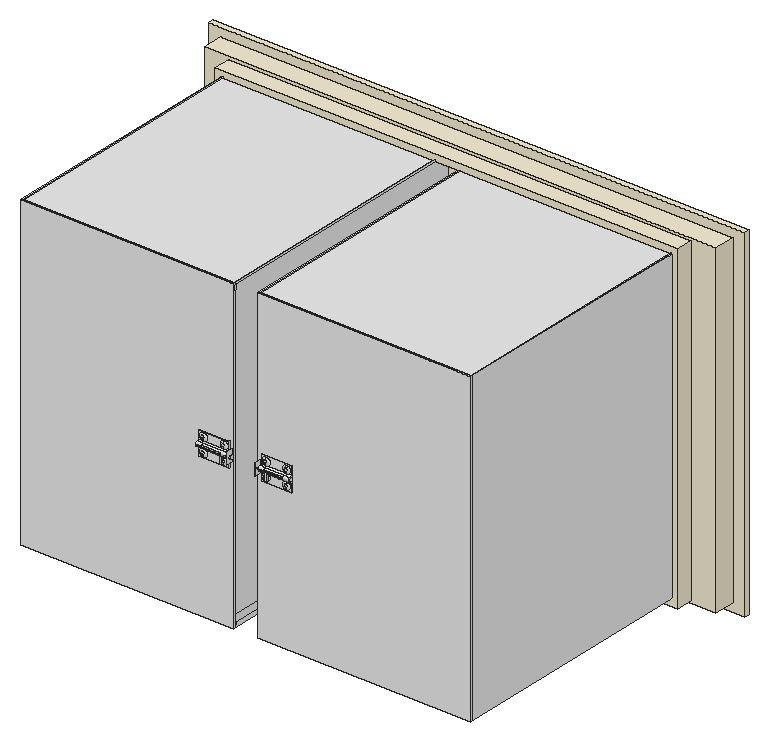
Revit family "Mailboxes_4C-Salsbury_Industries-Rear_Load-5_Door_High_Units", category Specialty Equipment, host Wall, Revit 2016 (continued)
Definition of nested family "3700 Series 4C OM2 Configuration"
  Forms (in)
    Extrusion 1, solid, material <- "Front Panel Material"
      sketch origin (0, 0, 0) x (1, 0, 0) y (0, 1, 0)
        loop
          arc (6.4925, -0.46664) -> (6.63039, -0.40952) -> (6.6875, -0.27164) r 0.195
          line (6.6875, -0.27164) -> (6.6875, 0.12695) -> (-6.4355, 0.12695)
      from 0 to 3.23047
    Extrusion 2, solid, material <- "Front Panel Material"
      sketch origin (0, 0, 3.50047) x (-1, 0, 0) y (0, -1, 0)
        loop
          line (6.6875, -0.12695) -> (6.6875, 0.46995) -> (-6.6875, 0.46995) -> (-6.6875, -0.12695) -> (6.6875, -0.12695)
      from -0.27 to 0
    Extrusion 3, void
      sketch origin (0, 0.43945, 0) x (0, 0, -1) y (-1, 0, 0)
        loop
          circle (-1.61523, 4.3275) r 0.4375
      from 0 to -0.25391
    Extrusion 4, solid, material <- "Lock Material", visible <- "Access Lock"
      sketch origin (0, 0.43945, 0) x (0, 0, -1) y (-1, 0, 0)
        loop
          circle (-1.61523, 4.3275) r 0.42913
      from 0 to -0.25391
    Extrusion 5, void, detail levels fine
      sketch origin (0, 0.12695, 3.4) x (-1, 0, 0) y (0, 0, 1)
        loop
          line (4.3568, -1.47517) -> (4.2982, -1.47517) -> (4.2982, -2.09436) -> (4.3568, -2.09436) -> (4.3568, -1.47517)
      from -0.12695 to -0.25391
    Blend 6, solid, material <- "Front Panel Material", detail levels medium+fine
      base sketch origin (0, -0.12695, 2.68123) x (-1, 0, 0) y (0, 0, 1)
        loop
          circle (5.7025, -0.40977) r 0.15665
      top sketch origin (0, -0.12695, 2.68123) x (-1, 0, 0) y (0, 0, 1)
        loop
          circle (5.7025, -0.40977) r 0.3125
      from -0.11328 to 0
    Blend 7, solid, material <- "Front Panel Material", detail levels medium+fine
      base sketch origin (1.3125, -0.12695, 2.68123) x (-1, 0, 0) y (0, 0, 1)
        loop
          circle (4.202, -0.40977) r 0.15665
      top sketch origin (1.3125, -0.12695, 2.68123) x (-1, 0, 0) y (0, 0, 1)
        loop
          circle (4.202, -0.40977) r 0.3125
      from -0.11328 to 0
    Blend 8, solid, material <- "Front Panel Material", detail levels medium+fine
      base sketch origin (0, -0.12695, 1.36923) x (-1, 0, 0) y (0, 0, 1)
        loop
          circle (5.7025, -0.40977) r 0.15665
      top sketch origin (0, -0.12695, 1.36923) x (-1, 0, 0) y (0, 0, 1)
        loop
          circle (5.7025, -0.40977) r 0.3125
      from -0.11328 to 0
    Blend 9, solid, material <- "Front Panel Material", detail levels medium+fine
      base sketch origin (1.3125, -0.12695, 1.36923) x (-1, 0, 0) y (0, 0, 1)
        loop
          circle (4.202, -0.40977) r 0.15665
      top sketch origin (1.3125, -0.12695, 1.36923) x (-1, 0, 0) y (0, 0, 1)
        loop
          circle (4.202, -0.40977) r 0.3125
      from -0.11328 to 0
    Blend 10, solid, material <- "Front Panel Material", detail levels medium+fine
      base sketch origin (9.8895, -0.12695, 2.68123) x (-1, 0, 0) y (0, 0, 1)
        loop
          circle (4.202, -0.40977) r 0.15665
      top sketch origin (9.8895, -0.12695, 2.68123) x (-1, 0, 0) y (0, 0, 1)
        loop
          circle (4.202, -0.40977) r 0.3125
      from -0.11328 to 0
    Blend 11, solid, material <- "Front Panel Material", detail levels medium+fine
      base sketch origin (9.8895, -0.12695, 1.36923) x (-1, 0, 0) y (0, 0, 1)
        loop
          circle (4.202, -0.40977) r 0.15665
      top sketch origin (9.8895, -0.12695, 1.36923) x (-1, 0, 0) y (0, 0, 1)
        loop
          circle (4.202, -0.40977) r 0.3125
      from -0.11328 to 0
    Extrusion 12, solid, material <- "Lock Material"
      sketch origin (0, -0.12695, 0) x (-1, 0, 0) y (0, 0, 1)
        loop
          line (1.96028, 2.61547) -> (-1.64128, 2.61547)
          arc (-1.64128, 2.61547) -> (-1.78215, 2.55712) -> (-1.8405, 2.41625) r 0.19922
          line (-1.8405, 2.41625) -> (-1.8405, 0.81469)
          arc (-1.8405, 0.81469) -> (-1.78215, 0.67382) -> (-1.64128, 0.61547) r 0.19922
          line (-1.64128, 0.61547) -> (1.96028, 0.61547)
          arc (1.96028, 0.61547) -> (2.10115, 0.67382) -> (2.1595, 0.81469) r 0.19922
          line (2.1595, 0.81469) -> (2.1595, 2.41625)
          arc (2.1595, 2.41625) -> (2.10115, 2.55712) -> (1.96028, 2.61547) r 0.19922
      from 0 to -0.03906
    Extrusion 13, solid, material <- "Front Panel Material"
      sketch origin (-2.13946, 0, 3.50047) x (-1, 0, 0) y (0, -1, 0)
        loop
          line (4.54804, -0.12695) -> (4.54804, 0.31995) -> (-8.82696, 0.31995) -> (-8.82696, -0.12695) -> (4.54804, -0.12695)
      from 0 to 3.0094
    Extrusion 14, void
      sketch origin (0, -0.31995, 0) x (0, 0, -1) y (-1, 0, 0)
        loop
          arc (-5.67087, 5.0005) -> (-6.04587, 5.3755) -> (-6.42087, 5.0005) r 0.375
          line (-6.42087, 5.0005) -> (-6.42087, -5.0005)
          arc (-6.42087, -5.0005) -> (-6.04587, -5.3755) -> (-5.67087, -5.0005) r 0.375
          line (-5.67087, -5.0005) -> (-5.67087, 5.0005)
      from 0 to 0.44691
    Extrusion 15, solid, material <- "Front Panel Material"
      sketch origin (0, 0, 0) x (0, 1, 0) y (0, 0, 1)
        loop
          line (0.12695, 6.50987) -> (0.12695, 7.00047) -> (-0.46995, 7.00047) -> (-0.75605, 6.83078) -> (-0.73973, 6.80251) -> (-1.27431, 6.49388) -> (-1.29063, 6.52214) -> (-1.61027, 6.3376)
          arc (-1.61027, 6.3376) -> (-1.63087, 6.31111) -> (-1.62714, 6.27777) r 0.04454
          line (-1.62714, 6.27777) -> (-1.5282, 6.17883)
          arc (-1.5282, 6.17883) -> (-1.4937, 6.16211) -> (-1.4558, 6.15637) r 0.12791
          line (-1.4558, 6.15637) -> (-1.10623, 6.15637) -> (-0.49395, 6.50987) -> (0.12695, 6.50987)
      from -6.6875 to 6.6875
  Cuts and joins
    Extrusion 3 cuts Extrusion 1
    Extrusion 5 cuts Extrusion 4
    Extrusion 14 cuts Extrusion 13
  Lines and regions (in)
    symbolic lines
      curve 1: circle (-5.7025, -0.12695, 2.27147) r 0.3125 normal (0, 1, 0)
      curve 2: circle (-5.7025, -0.12695, 0.95947) r 0.3125 normal (0, 1, 0)
      curve 3: circle (-2.8895, -0.12695, 0.95947) r 0.3125 normal (0, 1, 0)
      curve 4: circle (-2.8895, -0.12695, 2.27147) r 0.3125 normal (0, 1, 0)
      curve 5: circle (-4.3275, -0.12695, 1.61523) r 0.42913 normal (0, 1, 0)
      curve 6: circle (5.6875, -0.12695, 0.95947) r 0.3125 normal (0, 1, 0)
      curve 7: circle (5.6875, -0.12695, 2.27147) r 0.3125 normal (0, 1, 0)
      curve 8: arc (-2.1595, -0.12695, 2.41625) -> (-2.10115, -0.12695, 2.55712) -> (-1.96028, -0.12695, 2.61547) r 0.19922
      curve 9: arc (1.8405, -0.12695, 2.41625) -> (1.78215, -0.12695, 2.55712) -> (1.64128, -0.12695, 2.61547) r 0.19922
      curve 10: arc (1.8405, -0.12695, 0.81469) -> (1.78215, -0.12695, 0.67382) -> (1.64128, -0.12695, 0.61547) r 0.19922
      curve 11: arc (-1.96028, -0.12695, 0.61547) -> (-2.10115, -0.12695, 0.67382) -> (-2.1595, -0.12695, 0.81469) r 0.19922
      curve 12: line (-2.1595, -0.12695, 0.81469) -> (-2.1595, -0.12695, 2.41625)
      curve 13: line (-1.96028, -0.12695, 2.61547) -> (1.64128, -0.12695, 2.61547)
      curve 14: line (1.8405, -0.12695, 2.41625) -> (1.8405, -0.12695, 0.81469)
      curve 15: line (1.64128, -0.12695, 0.61547) -> (-1.96028, -0.12695, 0.61547)
  Dimensions and locks (in)
    equal spacing: plane 6 "Back Face of Door", plane 1 "Center (Front/Back)", plane 7 "Front Face of Door"
    "Door Depth": plane 6 "Back Face of Door" to plane 7 "Front Face of Door"
    equal spacing: plane 4 "Left Side Face of Door", plane 3 "Center (Left/Right)", plane 5 "Right Side Face of Door"
    "Door Width": plane 4 "Left Side Face of Door" to plane 5 "Right Side Face of Door"
    plane 8 to level = 3.23047"
    equal spacing: plane 8, plane 9, level
    locked: plane 7 "Front Face of Door" to plane 10 at 0.343
    "Center Lock-Vertical": plane 4 "Left Side Face of Door" to plane 11 "Center Lock Vertical"
    "Center Lock-Horizontal": plane 8 to plane 12 "Center Lock Horizontal"
    locked: plane 14 "Divider Height Align" to plane 8 at 0.27
    plane 4 "Left Side Face of Door" to plane 16 "Left Stud Align" to plane 17 "Right Stud Align" = 0.985", 2.813"
    plane 8 to plane 18 "Top Stud Align" to plane 19 "Bottom Stud Align" = 0.959", 1.312"
    plane 20 "Hinge Stud Align" to plane 5 "Right Side Face of Door" = 1.000"
    plane 8 to plane 21 "Mail Plate Top" to plane 22 "Mail Plate Bottom" = 0.615", 2.000"
    plane 4 "Left Side Face of Door" to plane 23 to plane 24 = 4.528", 4.000"
    plane 27 "Top of Mail Drop Divider" to plane 26 "Top of Mail Drop Door" to plane 14 "Divider Height Align" = 0.26953" locked, 3.23047"
    "Door Height": plane 27 "Top of Mail Drop Divider" to level
    plane 28 "Face of Mail Drop" to plane 10 = 0.150"
    locked: plane 27 "Top of Mail Drop Divider" to plane 29 "Top of Mail Slot" at 0.5796
    locked: plane 29 "Top of Mail Slot" to plane 30 "Bottom of Mail Slot" at 0.75
    locked: plane 4 "Left Side Face of Door" to plane 31 "Left Edge of Mail Slot" at 1.312
    locked: plane 32 "Right Edge of Mail Slot" to plane 5 "Right Side Face of Door" at 1.312
    locked: plane 33 "Mail Slot Bottom Protusion" to plane 29 "Top of Mail Slot" at 0.089
    plane 28 "Face of Mail Drop" to plane 34 = 0.174"
    plane 33 "Mail Slot Bottom Protusion" to plane 35 = 0.3535"
    plane 28 "Face of Mail Drop" to plane 36 "Front of Awning" = 1.315"
    plane 4 "Left Side Face of Door" to plane 5 "Right Side Face of Door" = 13.375"
    plane 6 "Back Face of Door" to plane 36 "Front of Awning" = 1.76191"
    "Access Lock Offset": plane 39 "Access Lock Offset" to plane 6 "Back Face of Door"
    aligned and locked: level to plane 2 "Bottom of Door"
    aligned and locked: plane 4 "Left Side Face of Door" to Extrusion 1
    aligned and locked: plane 6 "Back Face of Door" to Extrusion 1
    aligned and locked: plane 7 "Front Face of Door" to Extrusion 1
    aligned and locked: Extrusion 1 to level
    aligned and locked: plane 8 to Extrusion 1
    aligned and locked: Extrusion 2 sketch curve to plane 4 "Left Side Face of Door"
    aligned and locked: Extrusion 2 sketch curve to plane 6 "Back Face of Door"
    aligned and locked: plane 5 "Right Side Face of Door" to Extrusion 2 sketch curve
    aligned and locked: Extrusion 2 to plane 8
    aligned and locked: plane 10 to Extrusion 2 sketch curve
    aligned and locked: plane 14 "Divider Height Align" to Extrusion 2
    aligned and locked: plane 4 "Left Side Face of Door" to Extrusion 2
    aligned and locked: Extrusion 2 to plane 5 "Right Side Face of Door"
    aligned and locked: Extrusion 13 to plane 28 "Face of Mail Drop"
    aligned and locked: plane 29 "Top of Mail Slot" to Extrusion 14 sketch curve
    aligned and locked: cut or joined group of Extrusion 13, Extrusion 14 to cut or joined group of Extrusion 13, Extrusion 14
    aligned and locked: cut or joined group of Extrusion 1, Extrusion 3 to plane 2 "Bottom of Door"
  Automatic sketch dimensions
    Extrusion 1 sketch curve to plane 4 "Left Side Face of Door" = 0.000"
    Extrusion 1 sketch curve to plane 6 "Back Face of Door" = 0.000"
    Extrusion 1 sketch curve to plane 7 "Front Face of Door" = 0.000"
    Extrusion 1 sketch curve to plane 5 "Right Side Face of Door" = 0.000"
    Extrusion 1 sketch curve to plane 4 "Left Side Face of Door" = 0.252"
    Extrusion 1 sketch curve to plane 20 "Hinge Stud Align" = 0.36875"
    Extrusion 1 sketch curve to plane 25 "Face of Mail Plate" = 0.07029"
    plane 5 "Right Side Face of Door" to Extrusion 1 sketch curve = 0.195"
    Extrusion 1 sketch curve to plane 25 "Face of Mail Plate" = 0.10562"
    Extrusion 1 sketch curve to plane 13 "Face of Lock" = 0.07658"
    plane 1 "Center (Front/Back)" to Extrusion 1 sketch curve = 0.05445"
    Extrusion 1 sketch curve to plane 13 "Face of Lock" = 0.12063"
    Extrusion 5 sketch curve to plane 11 "Center Lock Vertical" = 0.0293"
    plane 11 "Center Lock Vertical" to Extrusion 5 sketch curve = 0.0293"
    Extrusion 5 sketch curve to plane 9 = 0.30959"
    plane 9 to Extrusion 5 sketch curve = 0.30959"
    plane 16 "Left Stud Align" to Blend 6 sketch curve = 0.000"  (x2)
    Blend 6 sketch curve to plane 18 "Top Stud Align" = 0.000"  (x2)
    plane 17 "Right Stud Align" to Blend 7 sketch curve = 0.000"  (x2)
    Blend 7 sketch curve to plane 18 "Top Stud Align" = 0.000"  (x2)
    plane 16 "Left Stud Align" to Blend 8 sketch curve = 0.000"  (x2)
    Blend 8 sketch curve to plane 19 "Bottom Stud Align" = 0.000"  (x2)
    plane 17 "Right Stud Align" to Blend 9 sketch curve = 0.000"  (x2)
    Blend 9 sketch curve to plane 19 "Bottom Stud Align" = 0.000"  (x2)
    Blend 10 sketch curve to plane 18 "Top Stud Align" = 0.000"  (x2)
    plane 20 "Hinge Stud Align" to Blend 10 sketch curve = 0.000"  (x2)
    Blend 11 sketch curve to plane 19 "Bottom Stud Align" = 0.000"  (x2)
    plane 20 "Hinge Stud Align" to Blend 11 sketch curve = 0.000"  (x2)
    plane 24 to Extrusion 12 sketch curve = 0.000"
    Extrusion 12 sketch curve to plane 22 "Mail Plate Bottom" = 0.000"
    Extrusion 12 sketch curve to plane 21 "Mail Plate Top" = 0.000"
    plane 23 to Extrusion 12 sketch curve = 0.000"
    plane 24 to Extrusion 12 sketch curve = 0.19922"  (x2)
    plane 18 "Top Stud Align" to Extrusion 12 sketch curve = 0.14478"
    Extrusion 12 sketch curve to plane 23 = 0.19922"
    Extrusion 13 sketch curve to plane 5 "Right Side Face of Door" = 0.000"
    Extrusion 13 sketch curve to plane 4 "Left Side Face of Door" = 0.000"
    Extrusion 13 sketch curve to plane 6 "Back Face of Door" = 0.000"
    Extrusion 13 sketch curve to plane 7 "Front Face of Door" = 0.193"
    Extrusion 14 sketch curve to plane 30 "Bottom of Mail Slot" = 0.000"
    plane 32 "Right Edge of Mail Slot" to Extrusion 14 sketch curve = 0.375"
    Extrusion 14 sketch curve to plane 31 "Left Edge of Mail Slot" = 0.375"
    Extrusion 15 sketch curve to plane 35 = 0.000"
    Extrusion 15 sketch curve to plane 33 "Mail Slot Bottom Protusion" = 0.000"
    Extrusion 15 sketch curve to plane 34 = 0.000"
    Extrusion 15 sketch curve to plane 27 "Top of Mail Drop Divider" = 0.000"
    Extrusion 15 sketch curve to plane 6 "Back Face of Door" = 0.000"
    plane 26 "Top of Mail Drop Door" to Extrusion 15 sketch curve = 0.07158"
    Extrusion 15 sketch curve to plane 34 = 0.24578"
    plane 26 "Top of Mail Drop Door" to Extrusion 15 sketch curve = 0.09984"
    Extrusion 15 sketch curve to Extrusion 15 sketch curve = 0.01632"
    plane 37 to Extrusion 15 sketch curve = 0.05062"
    Extrusion 15 sketch curve to plane 33 "Mail Slot Bottom Protusion" = 0.01599"
    plane 33 "Mail Slot Bottom Protusion" to Extrusion 15 sketch curve = 0.01227"
    plane 36 "Front of Awning" to Extrusion 15 sketch curve = 0.17915"
    plane 35 to Extrusion 15 sketch curve = 0.02246"
    Extrusion 15 sketch curve to Extrusion 15 sketch curve = 0.0724"
    plane 36 "Front of Awning" to Extrusion 15 sketch curve = 0.04696"
    plane 36 "Front of Awning" to Extrusion 15 sketch curve = 0.02469"
    plane 36 "Front of Awning" to Extrusion 15 sketch curve = 0.00781"
    Extrusion 15 sketch curve to Extrusion 15 sketch curve = 0.05983"
    Extrusion 4 sketch curve to plane 9 = 0.000"
    plane 11 "Center Lock Vertical" to Extrusion 4 sketch curve = 0.000"
    Extrusion 3 sketch curve to plane 9 = 0.000"
    plane 11 "Center Lock Vertical" to Extrusion 3 sketch curve = 0.000"
    curve 6 to plane 19 "Bottom Stud Align" = 0.000"
    plane 20 "Hinge Stud Align" to curve 6 = 0.000"
    curve 7 to plane 18 "Top Stud Align" = 0.000"
    plane 20 "Hinge Stud Align" to curve 7 = 0.000"
    plane 24 to curve 14 = 0.000"
    curve 9 to plane 21 "Mail Plate Top" = 0.000"
    curve 11 to plane 22 "Mail Plate Bottom" = 0.000"
    plane 23 to curve 12 = 0.000"
    plane 17 "Right Stud Align" to curve 4 = 0.000"
    plane 17 "Right Stud Align" to curve 3 = 0.000"
    curve 5 to plane 9 = 0.000"
    plane 11 "Center Lock Vertical" to curve 5 = 0.000"
    plane 16 "Left Stud Align" to curve 1 = 0.000"
    plane 16 "Left Stud Align" to curve 2 = 0.000"
    curve 2 to plane 19 "Bottom Stud Align" = 0.000"
    curve 3 to plane 19 "Bottom Stud Align" = 0.000"
    curve 1 to plane 18 "Top Stud Align" = 0.000"
    curve 4 to plane 18 "Top Stud Align" = 0.000"
    plane 18 "Top Stud Align" to curve 9 = 0.14478"
    curve 10 to plane 19 "Bottom Stud Align" = 0.14478"
    plane 18 "Top Stud Align" to curve 8 = 0.14478"
    curve 11 to plane 19 "Bottom Stud Align" = 0.14478"
    radius of Blend 6 sketch curve = 0.15665"
    radius of Blend 6 sketch curve = 0.3125"
    radius of Blend 7 sketch curve = 0.15665"
    radius of Blend 7 sketch curve = 0.3125"
    radius of Blend 8 sketch curve = 0.15665"
    radius of Blend 8 sketch curve = 0.3125"
    radius of Blend 9 sketch curve = 0.15665"
    radius of Blend 9 sketch curve = 0.3125"
    radius of Blend 10 sketch curve = 0.15665"
    radius of Blend 10 sketch curve = 0.3125"
    radius of Blend 11 sketch curve = 0.15665"
    radius of Blend 11 sketch curve = 0.3125"
    radius of Extrusion 4 sketch curve = 0.42913"
    radius of Extrusion 3 sketch curve = 0.4375"
    radius of curve 1 = 0.3125"
    radius of curve 2 = 0.3125"
    radius of curve 3 = 0.3125"
    radius of curve 4 = 0.3125"
    radius of curve 5 = 0.42913"
    radius of curve 6 = 0.3125"
    radius of curve 7 = 0.3125"
Definition of nested family "4C Latch Lock"
  Parameters (values of type "Lock Latch")
    Width = 1.750"
    Type Comments = "Lock Latch for Aluminum Mailboxes"
    Visible Latch = yes
    Manufacturer = "Salsbury Industries"
    Height = 1.375"
    Depth = 0.244"
    Back Enclosure Material = none
  Reference planes (in)
    plane 1 "Center (Front/Back)": y = 0
    plane 2 "left": z = 0
    plane 3 "Center (Left/Right)": x = 0
    plane 4 "top": x = -0.875
    plane 5 "bottom": x = 0.875
    plane 6 "Front": y = 0.122
    plane 7 "Back": y = -0.122
    plane 8 "Vertical Center": z = 0.6875
    plane 9 "right": z = 1.375
    plane 10: x = -1
    plane 11: x = -1.125
  Forms (in)
    Extrusion 1, solid, material <- "Back Enclosure Material", visible <- "Visible Latch", detail levels medium+fine
      sketch origin (-0.67187, 0, 0.67188) x (0, 0, -1) y (0, 1, 0)
        loop
          line (-0.22131, -0.0902) -> (-0.70312, -0.0902) -> (-0.70312, -0.12209) -> (-0.22129, -0.12209)
          arc (-0.22129, -0.12209) -> (-0.1389, -0.08579) -> (-0.11009, -0.00048) r 0.11165
          arc (-0.11009, -0.00048) -> (-0.01599, 0.09362) -> (0.07812, -0.00048) r 0.09411
          arc (0.07812, -0.00048) -> (0.10866, -0.08591) -> (0.19189, -0.122) r 0.11401
          line (0.19189, -0.122) -> (0.67187, -0.122) -> (0.67187, -0.08954) -> (0.19205, -0.08954)
          arc (0.19205, -0.08954) -> (0.13091, -0.06294) -> (0.10869, -0.00006) r 0.08357
          arc (0.10869, -0.00006) -> (-0.01625, 0.12487) -> (-0.14118, -0.00006) r 0.12494
          arc (-0.14118, -0.00006) -> (-0.16101, -0.06312) -> (-0.22131, -0.0902) r 0.08069
      from -0.20313 to 1.54687
    Extrusion 2, void, detail levels medium+fine
      sketch origin (-0.86719, 0.122, 0.78906) x (0, 0, -1) y (1, 0, 0)
        loop
          line (0.02064, 1.43976) -> (0.02064, 0.31562) -> (0.29045, 0.31562) -> (0.29045, 0.47278) -> (0.12796, 0.47278) -> (0.12796, 1.28526) -> (0.27447, 1.28526) -> (0.27447, 1.43976) -> (0.02064, 1.43976)
      from -0.01091 to 0.1442
    Blend 3, solid, material <- "Back Enclosure Material", visible <- "Visible Latch", detail levels fine
      base sketch origin (-0.95312, 0.122, 0.96875) x (0, 0, -1) y (1, 0, 0)
        loop
          circle (-0.1252, 1.55349) r 0.1
      top sketch origin (-0.95312, 0.122, 0.96875) x (0, 0, -1) y (1, 0, 0)
        loop
          circle (-0.1252, 1.55349) r 0.215
      from 0.16742 to 0.21154
    Blend 4, solid, material <- "Back Enclosure Material", visible <- "Visible Latch", detail levels fine
      base sketch origin (-0.95312, 0.122, -0.54015) x (0, 0, -1) y (1, 0, 0)
        loop
          circle (-0.8037, 1.55349) r 0.1
      top sketch origin (-0.95312, 0.122, -0.54015) x (0, 0, -1) y (1, 0, 0)
        loop
          circle (-0.8037, 1.55349) r 0.215
      from 0.16742 to 0.21154
    Blend 5, solid, material <- "Back Enclosure Material", visible <- "Visible Latch", detail levels fine
      base sketch origin (-1.95312, 0.122, 0.96875) x (0, 0, -1) y (1, 0, 0)
        loop
          circle (-0.1252, 1.36599) r 0.1
      top sketch origin (-1.95312, 0.122, 0.96875) x (0, 0, -1) y (1, 0, 0)
        loop
          circle (-0.1252, 1.36599) r 0.215
      from 0.16742 to 0.21154
    Blend 6, solid, material <- "Back Enclosure Material", visible <- "Visible Latch", detail levels fine
      base sketch origin (-1.95312, 0.122, -0.55578) x (0, 0, -1) y (1, 0, 0)
        loop
          circle (-0.8037, 1.36599) r 0.1
      top sketch origin (-1.95312, 0.122, -0.55578) x (0, 0, -1) y (1, 0, 0)
        loop
          circle (-0.8037, 1.36599) r 0.215
      from 0.16742 to 0.21154
    Extrusion 7, solid, material <- "Back Enclosure Material", visible <- "Visible Latch", detail levels medium+fine
      sketch origin (-1.22585, -7.77812, 0.87452) x (0, 0, -1) y (0, 1, 0)
        loop
          circle (0.18702, 7.77784) r 0.09014
      from 0.10085 to 2.10085
    Extrusion 8, solid, material <- "Back Enclosure Material", visible <- "Visible Latch", detail levels medium+fine
      sketch origin (-0.59584, -7.78798, 0.67188) x (1, 0, 0) y (0, 1, 0)
        loop
          circle (0.12087, 7.81979) r 0.05
      from 0.01562 to -0.5
    Extrusion 9, solid, material <- "Back Enclosure Material", visible <- "Visible Latch", detail levels medium+fine
      sketch origin (-1.09375, -0.02845, 1.02999) x (0, 0, -1) y (1, 0, 0)
        loop
          line (0.68574, 0.09375) -> (0.68574, 0.12475) -> (-0.00176, 0.12475) -> (-0.00176, 0.09375) -> (0.68574, 0.09375)
      from -0.25 to 0.09355
    Extrusion 10, void, detail levels medium+fine
      sketch origin (-0.969, -7.77845, 0.87437) x (0, 0, -1) y (0, -1, 0)
        loop
          circle (0.18637, -7.77776) r 0.09325
      from 0 to 0.031
  Cuts and joins
    Extrusion 2 cuts Extrusion 1
    Extrusion 10 cuts Extrusion 9
  Lines and regions (in)
    symbolic lines
      curve 1: line (0.875, 0.122, 1.375) -> (-0.875, 0.122, 1.375)
      curve 2: line (0.875, 0.122, 0) -> (0.875, 0.122, 1.375)
      curve 3: line (-0.875, 0.122, 0) -> (0.875, 0.122, 0)
      curve 4: line (-0.875, 0.122, 1.375) -> (-0.875, 0.122, 0)
      curve 5: line (-0.875, 0.122, 0.78197) -> (-1.125, 0.122, 0.78197)
      curve 6: line (-1.125, 0.122, 0.78197) -> (-1.125, 0.122, 0.59736)
      curve 7: line (-1.125, 0.122, 0.59736) -> (-0.875, 0.122, 0.59736)
  Dimensions and locks (in)
    equal spacing: plane 7 "Back", plane 1 "Center (Front/Back)", plane 6 "Front"
    "Depth": plane 7 "Back" to plane 6 "Front"
    equal spacing: plane 4 "top", plane 3 "Center (Left/Right)", plane 5 "bottom"
    "Width": plane 4 "top" to plane 5 "bottom"
    equal spacing: plane 9 "right", plane 8 "Vertical Center", plane 2 "left"
    "Height": plane 9 "right" to plane 2 "left"
    plane 10 to plane 4 "top" = 0.125"
    plane 11 to plane 4 "top" = 0.250"
    plane 10 to plane 11 = 0.125"
    aligned and locked: level to plane 2 "left"
    aligned and locked: curve 1 to cut or joined group of Extrusion 1, Extrusion 2
    aligned and locked: curve 2 to cut or joined group of Extrusion 1, Extrusion 2
    aligned and locked: curve 3 to cut or joined group of Extrusion 1, Extrusion 2
    aligned and locked: curve 4 to cut or joined group of Extrusion 1, Extrusion 2
  Automatic sketch dimensions
    Extrusion 1 sketch curve to plane 7 "Back" = 0.000"
    Extrusion 1 sketch curve to plane 7 "Back" = 0.0318"
    plane 9 "right" to Extrusion 1 sketch curve = 0.000"
    Extrusion 1 sketch curve to plane 8 "Vertical Center" = 0.20569"
    plane 7 "Back" to Extrusion 1 sketch curve = 0.00009"
    Extrusion 1 sketch curve to plane 8 "Vertical Center" = 0.20567"
    plane 1 "Center (Front/Back)" to Extrusion 1 sketch curve = 0.00006"
    Extrusion 1 sketch curve to plane 8 "Vertical Center" = 0.00062"
    Extrusion 1 sketch curve to Extrusion 1 sketch curve = 0.00026"
    Extrusion 1 sketch curve to Extrusion 1 sketch curve = 0.20788"
    Extrusion 1 sketch curve to Extrusion 1 sketch curve = 0.00016"
    Extrusion 1 sketch curve to level = 0.000"
    Extrusion 1 sketch curve to plane 7 "Back" = 0.03246"
    plane 1 "Center (Front/Back)" to Extrusion 1 sketch curve = 0.01045"
    Extrusion 1 sketch curve to Extrusion 1 sketch curve = 0.00094"
    Extrusion 1 sketch curve to Extrusion 1 sketch curve = 0.00201"
    Extrusion 2 sketch curve to plane 8 "Vertical Center" = 0.08092"
    plane 5 "bottom" to Extrusion 2 sketch curve = 0.45693"
    plane 8 "Vertical Center" to Extrusion 2 sketch curve = 0.0264"
    Extrusion 2 sketch curve to Extrusion 2 sketch curve = 0.16249"
    Extrusion 2 sketch curve to Extrusion 2 sketch curve = 0.14651"
    Extrusion 2 sketch curve to plane 3 "Center (Left/Right)" = 0.3944"
    Extrusion 2 sketch curve to plane 4 "top" = 0.32343"
    plane 5 "bottom" to Extrusion 2 sketch curve = 0.30243"
    plane 5 "bottom" to Blend 3 sketch curve = 0.27463"  (x2)
    Blend 3 sketch curve to plane 8 "Vertical Center" = 0.40645"  (x2)
    plane 5 "bottom" to Blend 4 sketch curve = 0.27463"  (x2)
    level to Blend 4 sketch curve = 0.26355"  (x2)
    Blend 5 sketch curve to plane 8 "Vertical Center" = 0.40645"  (x2)
    Blend 5 sketch curve to plane 3 "Center (Left/Right)" = 0.58713"  (x2)
    level to Blend 6 sketch curve = 0.24792"  (x2)
    Blend 6 sketch curve to plane 3 "Center (Left/Right)" = 0.58713"  (x2)
    plane 1 "Center (Front/Back)" to Extrusion 7 sketch curve = 0.00028"
    plane 8 "Vertical Center" to Extrusion 7 sketch curve = 0.000"
    Extrusion 8 sketch curve to plane 1 "Center (Front/Back)" = 0.03181"
    Extrusion 8 sketch curve to plane 4 "top" = 0.40003"
    Extrusion 9 sketch curve to plane 8 "Vertical Center" = 0.34425"
    level to Extrusion 9 sketch curve = 0.34425"
    plane 4 "top" to Extrusion 9 sketch curve = 0.125"
    Extrusion 9 sketch curve to Extrusion 9 sketch curve = 0.031"
    plane 1 "Center (Front/Back)" to Extrusion 10 sketch curve = 0.0007"
    Extrusion 10 sketch curve to plane 8 "Vertical Center" = 0.0005"
    curve 6 to plane 11 = 0.000"
    curve 5 to plane 8 "Vertical Center" = 0.09447"
    plane 8 "Vertical Center" to curve 6 = 0.09014"
    radius of Blend 3 sketch curve = 0.100"
    radius of Blend 3 sketch curve = 0.215"
    radius of Blend 4 sketch curve = 0.100"
    radius of Blend 4 sketch curve = 0.215"
    radius of Blend 5 sketch curve = 0.100"
    radius of Blend 5 sketch curve = 0.215"
    radius of Blend 6 sketch curve = 0.100"
    radius of Blend 6 sketch curve = 0.215"
    radius of Extrusion 7 sketch curve = 0.09014"
    radius of Extrusion 8 sketch curve = 0.050"
    radius of Extrusion 10 sketch curve = 0.09325"
Definition of nested family "4C Latch Lock-Left"
  Parameters (values of type "Lock Latch")
    Width = 1.750"
    Type Comments = "Lock Latch for Aluminum Mailboxes"
    Visible Latch = yes
    Manufacturer = "Salsbury Industries"
    Height = 1.375"
    Depth = 0.244"
    Back Enclosure Material = none
  Reference planes (in)
    plane 1 "Center (Front/Back)": y = 0
    plane 2 "left": z = 0
    plane 3 "Center (Left/Right)": x = 0
    plane 4 "top": x = -0.875
    plane 5 "bottom": x = 0.875
    plane 6 "Front": y = 0.122
    plane 7 "Back": y = -0.122
    plane 8 "Vertical Center": z = 0.6875
    plane 9 "right": z = 1.375
    plane 10: x = 1
    plane 11: x = 1.125
  Forms (in)
    Extrusion 1, solid, material <- "Back Enclosure Material", visible <- "Visible Latch", detail levels medium+fine
      sketch origin (-0.67187, 0, 0.67188) x (0, 0, -1) y (0, 1, 0)
        loop
          line (-0.22131, -0.0902) -> (-0.70312, -0.0902) -> (-0.70312, -0.12209) -> (-0.22129, -0.12209)
          arc (-0.22129, -0.12209) -> (-0.1389, -0.08579) -> (-0.11009, -0.00048) r 0.11165
          arc (-0.11009, -0.00048) -> (-0.01599, 0.09362) -> (0.07812, -0.00048) r 0.09411
          arc (0.07812, -0.00048) -> (0.10866, -0.08591) -> (0.19189, -0.122) r 0.11401
          line (0.19189, -0.122) -> (0.67187, -0.122) -> (0.67187, -0.08954) -> (0.19205, -0.08954)
          arc (0.19205, -0.08954) -> (0.13091, -0.06294) -> (0.10869, -0.00006) r 0.08357
          arc (0.10869, -0.00006) -> (-0.01625, 0.12487) -> (-0.14118, -0.00006) r 0.12494
          arc (-0.14118, -0.00006) -> (-0.16101, -0.06312) -> (-0.22131, -0.0902) r 0.08069
      from -0.20313 to 1.54687
    Extrusion 2, void
      sketch origin (-0.86719, 0.122, 0.78906) x (0, 0, -1) y (1, 0, 0)
        loop
          line (0.02064, 1.43976) -> (0.02064, 0.31562) -> (0.29045, 0.31562) -> (0.29045, 0.47278) -> (0.12796, 0.47278) -> (0.12796, 1.28526) -> (0.27447, 1.28526) -> (0.27447, 1.43976) -> (0.02064, 1.43976)
      from -0.01091 to 0.1442
    Blend 3, solid, material <- "Back Enclosure Material", visible <- "Visible Latch", detail levels fine
      base sketch origin (-0.95312, 0.122, 0.96875) x (0, 0, -1) y (1, 0, 0)
        loop
          circle (-0.1252, 1.55349) r 0.1
      top sketch origin (-0.95312, 0.122, 0.96875) x (0, 0, -1) y (1, 0, 0)
        loop
          circle (-0.1252, 1.55349) r 0.215
      from 0.16742 to 0.21154
    Blend 4, solid, material <- "Back Enclosure Material", visible <- "Visible Latch", detail levels fine
      base sketch origin (-0.95312, 0.122, -0.54015) x (0, 0, -1) y (1, 0, 0)
        loop
          circle (-0.8037, 1.55349) r 0.1
      top sketch origin (-0.95312, 0.122, -0.54015) x (0, 0, -1) y (1, 0, 0)
        loop
          circle (-0.8037, 1.55349) r 0.215
      from 0.16742 to 0.21154
    Blend 5, solid, material <- "Back Enclosure Material", visible <- "Visible Latch", detail levels fine
      base sketch origin (-1.95312, 0.122, 0.96875) x (0, 0, -1) y (1, 0, 0)
        loop
          circle (-0.1252, 1.36599) r 0.1
      top sketch origin (-1.95312, 0.122, 0.96875) x (0, 0, -1) y (1, 0, 0)
        loop
          circle (-0.1252, 1.36599) r 0.215
      from 0.16742 to 0.21154
    Blend 6, solid, material <- "Back Enclosure Material", visible <- "Visible Latch", detail levels fine
      base sketch origin (-1.95312, 0.122, -0.55578) x (0, 0, -1) y (1, 0, 0)
        loop
          circle (-0.8037, 1.36599) r 0.1
      top sketch origin (-1.95312, 0.122, -0.55578) x (0, 0, -1) y (1, 0, 0)
        loop
          circle (-0.8037, 1.36599) r 0.215
      from 0.16742 to 0.21154
    Extrusion 7, solid, material <- "Back Enclosure Material", visible <- "Visible Latch", detail levels medium+fine
      sketch origin (-1.22585, -7.77812, 0.87452) x (0, 0, -1) y (0, 1, 0)
        loop
          circle (0.18702, 7.77784) r 0.09014
      from 0.35085 to 2.35085
    Extrusion 8, solid, material <- "Back Enclosure Material", visible <- "Visible Latch", detail levels medium+fine
      sketch origin (0.37291, -7.78798, 0.67188) x (1, 0, 0) y (0, 1, 0)
        loop
          circle (0.12087, 7.81979) r 0.05
      from 0.01562 to -0.5
    Extrusion 9, solid, material <- "Back Enclosure Material", visible <- "Visible Latch", detail levels medium+fine
      sketch origin (0.87525, -0.02845, 1.02999) x (0, 0, -1) y (1, 0, 0)
        loop
          line (0.68574, 0.09375) -> (0.68574, 0.12475) -> (-0.00176, 0.12475) -> (-0.00176, 0.09375) -> (0.68574, 0.09375)
      from -0.25 to 0.09355
    Extrusion 10, void
      sketch origin (1, -7.77845, 0.87437) x (0, 0, -1) y (0, -1, 0)
        loop
          circle (0.18637, -7.77776) r 0.09325
      from 0 to 0.031
  Cuts and joins
    Extrusion 2 cuts Extrusion 1
    Extrusion 10 cuts Extrusion 9
  Lines and regions (in)
    symbolic lines
      curve 1: line (0.875, 0.122, 1.375) -> (-0.875, 0.122, 1.375)
      curve 2: line (0.875, 0.122, 0) -> (0.875, 0.122, 1.375)
      curve 3: line (-0.875, 0.122, 0) -> (0.875, 0.122, 0)
      curve 4: line (-0.875, 0.122, 1.375) -> (-0.875, 0.122, 0)
      curve 5: line (0.875, 0.122, 0.78197) -> (1.125, 0.122, 0.78197)
      curve 6: line (1.125, 0.122, 0.78197) -> (1.125, 0.122, 0.59736)
      curve 7: line (1.125, 0.122, 0.59736) -> (0.875, 0.122, 0.59736)
  Dimensions and locks (in)
    equal spacing: plane 7 "Back", plane 1 "Center (Front/Back)", plane 6 "Front"
    "Depth": plane 7 "Back" to plane 6 "Front"
    equal spacing: plane 4 "top", plane 3 "Center (Left/Right)", plane 5 "bottom"
    "Width": plane 4 "top" to plane 5 "bottom"
    equal spacing: plane 9 "right", plane 8 "Vertical Center", plane 2 "left"
    "Height": plane 9 "right" to plane 2 "left"
    plane 4 "top" to plane 10 = 1.875"
    plane 5 "bottom" to plane 11 = 0.250"
    plane 11 to plane 10 = 0.125"
    aligned and locked: level to plane 2 "left"
    aligned and locked: curve 1 to cut or joined group of Extrusion 1, Extrusion 2
    aligned and locked: curve 2 to cut or joined group of Extrusion 1, Extrusion 2
    aligned and locked: curve 3 to cut or joined group of Extrusion 1, Extrusion 2
    aligned and locked: curve 4 to cut or joined group of Extrusion 1, Extrusion 2
  Automatic sketch dimensions
    Extrusion 1 sketch curve to plane 7 "Back" = 0.000"
    Extrusion 1 sketch curve to plane 7 "Back" = 0.0318"
    plane 9 "right" to Extrusion 1 sketch curve = 0.000"
    Extrusion 1 sketch curve to plane 8 "Vertical Center" = 0.20569"
    plane 7 "Back" to Extrusion 1 sketch curve = 0.00009"
    Extrusion 1 sketch curve to plane 8 "Vertical Center" = 0.20567"
    plane 1 "Center (Front/Back)" to Extrusion 1 sketch curve = 0.00006"
    Extrusion 1 sketch curve to plane 8 "Vertical Center" = 0.00062"
    Extrusion 1 sketch curve to Extrusion 1 sketch curve = 0.00026"
    Extrusion 1 sketch curve to Extrusion 1 sketch curve = 0.20788"
    Extrusion 1 sketch curve to Extrusion 1 sketch curve = 0.00016"
    Extrusion 1 sketch curve to level = 0.000"
    Extrusion 1 sketch curve to plane 7 "Back" = 0.03246"
    plane 1 "Center (Front/Back)" to Extrusion 1 sketch curve = 0.01045"
    Extrusion 1 sketch curve to Extrusion 1 sketch curve = 0.00094"
    Extrusion 1 sketch curve to Extrusion 1 sketch curve = 0.00201"
    Extrusion 2 sketch curve to plane 8 "Vertical Center" = 0.08092"
    plane 5 "bottom" to Extrusion 2 sketch curve = 0.45693"
    plane 8 "Vertical Center" to Extrusion 2 sketch curve = 0.0264"
    Extrusion 2 sketch curve to Extrusion 2 sketch curve = 0.16249"
    Extrusion 2 sketch curve to Extrusion 2 sketch curve = 0.14651"
    Extrusion 2 sketch curve to plane 3 "Center (Left/Right)" = 0.3944"
    Extrusion 2 sketch curve to plane 4 "top" = 0.32343"
    plane 5 "bottom" to Extrusion 2 sketch curve = 0.30243"
    plane 5 "bottom" to Blend 3 sketch curve = 0.27463"  (x2)
    Blend 3 sketch curve to plane 8 "Vertical Center" = 0.40645"  (x2)
    plane 5 "bottom" to Blend 4 sketch curve = 0.27463"  (x2)
    level to Blend 4 sketch curve = 0.26355"  (x2)
    Blend 5 sketch curve to plane 8 "Vertical Center" = 0.40645"  (x2)
    Blend 5 sketch curve to plane 3 "Center (Left/Right)" = 0.58713"  (x2)
    level to Blend 6 sketch curve = 0.24792"  (x2)
    Blend 6 sketch curve to plane 3 "Center (Left/Right)" = 0.58713"  (x2)
    plane 1 "Center (Front/Back)" to Extrusion 7 sketch curve = 0.00028"
    plane 8 "Vertical Center" to Extrusion 7 sketch curve = 0.000"
    Extrusion 8 sketch curve to plane 1 "Center (Front/Back)" = 0.03181"
    Extrusion 8 sketch curve to plane 4 "top" = 1.36878"
    Extrusion 9 sketch curve to plane 8 "Vertical Center" = 0.34425"
    level to Extrusion 9 sketch curve = 0.34425"
    Extrusion 9 sketch curve to plane 4 "top" = 1.844"
    Extrusion 9 sketch curve to Extrusion 9 sketch curve = 0.031"
    plane 1 "Center (Front/Back)" to Extrusion 10 sketch curve = 0.0007"
    Extrusion 10 sketch curve to plane 8 "Vertical Center" = 0.0005"
    curve 7 to plane 11 = 0.000"
    curve 5 to plane 8 "Vertical Center" = 0.09447"
    plane 8 "Vertical Center" to curve 6 = 0.09014"
    radius of Blend 3 sketch curve = 0.100"
    radius of Blend 3 sketch curve = 0.215"
    radius of Blend 4 sketch curve = 0.100"
    radius of Blend 4 sketch curve = 0.215"
    radius of Blend 5 sketch curve = 0.100"
    radius of Blend 5 sketch curve = 0.215"
    radius of Blend 6 sketch curve = 0.100"
    radius of Blend 6 sketch curve = 0.215"
    radius of Extrusion 7 sketch curve = 0.09014"
    radius of Extrusion 8 sketch curve = 0.050"
    radius of Extrusion 10 sketch curve = 0.09325"
Types (7): name | Width | Vertical Center Divider | Right Inside Wall | Model | Left Inside Wall | Latch Lock-Left Side | Latch Alignment | Door Slot R5 Number | Door Slot R5 | Door Slot R4 Number | Door Slot R4 | Door Slot R3 | Door Slot R2 | Door Slot R1 Number | Door Slot R1 | Door Slot L5 Number | Door Slot L5 | Door Slot L4 Number | Door Slot L4 | Door Slot L3 Number | Door Slot L3 | Door Slot L2 Number | Door Slot L2 | Door Slot L1 Number | Door Slot L1 | Description | Center Extrusion Offset
  3705D-08 RL | 31.09766" | yes | yes | "3705D-08 RL" | yes | yes | 14.857" | "8" | 3700 Series 4C Door Configurations : MB1 Door w/ Divider | "7" | 3700 Series 4C Door Configurations : MB1 Door w/ Divider | 3700 Series 4C OM2 Configuration : OM2-RL | 3700 Series 4C Door Configurations : Empty | "6" | 3700 Series 4C Door Configurations : MB1 Door | "5" | 3700 Series 4C Door Configurations : MB1 Door w/ Divider | "4" | 3700 Series 4C Door Configurations : MB1 Door w/ Divider | "3" | 3700 Series 4C Door Configurations : MB1 Door w/ Divider | "2" | 3700 Series 4C Door Configurations : MB1 Door w/ Divider | "1" | 3700 Series 4C Door Configurations : MB1 Door | "5 Door High Unit:  8 MB1, OM2" | 0.000"
  3705S-03 RL | 16.344" | no | no | "3705S-03 RL" | no | no | 13.876" | "3" | 3700 Series 4C Door Configurations : MB1 Door w/ Divider | "2" | 3700 Series 4C Door Configurations : MB1 Door w/ Divider | 3700 Series 4C OM2 Configuration : OM2-RL | 3700 Series 4C Door Configurations : Empty | "1" | 3700 Series 4C Door Configurations : MB1 Door | "0" | 3700 Series 4C Door Configurations : Empty | "0" | 3700 Series 4C Door Configurations : Empty | "0" | 3700 Series 4C Door Configurations : Empty | "0" | 3700 Series 4C Door Configurations : Empty | "0" | 3700 Series 4C Door Configurations : Empty | "5 Door High Unit:  3 MB1, OM2" | 48.000"
  3705D-07 RL | 31.09766" | yes | yes | "3705D-07 RL" | yes | yes | 14.857" | "7" | 3700 Series 4C Door Configurations : MB1 Door w/ Divider | "0" | 3700 Series 4C OM3 Configuration : OM3-RL | 3700 Series 4C Door Configurations : Empty | 3700 Series 4C Door Configurations : Empty | "6" | 3700 Series 4C Door Configurations : MB1 Door | "5" | 3700 Series 4C Door Configurations : MB1 Door w/ Divider | "4" | 3700 Series 4C Door Configurations : MB1 Door w/ Divider | "3" | 3700 Series 4C Door Configurations : MB1 Door w/ Divider | "2" | 3700 Series 4C Door Configurations : MB1 Door w/ Divider | "1" | 3700 Series 4C Door Configurations : MB1 Door | "5 Door High Unit:  7 MB1, OM3" | 0.000"
  3705D-03 RL | 31.09766" | yes | yes | "3705D-03 RL" | yes | yes | 14.857" | "3" | 3700 Series 4C Door Configurations : MB1 Door w/ Divider | "2" | 3700 Series 4C Door Configurations : MB1 Door w/ Divider | 3700 Series 4C OM2 Configuration : OM2-RL | 3700 Series 4C Door Configurations : Empty | "1" | 3700 Series 4C Door Configurations : MB1 Door | "1P" | 3700 Series 4C Parcel Configurations : PL5 | "0" | 3700 Series 4C Door Configurations : Empty | "0" | 3700 Series 4C Door Configurations : Empty | "0" | 3700 Series 4C Door Configurations : Empty | "0" | 3700 Series 4C Door Configurations : Empty | "5 Door High Unit:  3 MB1, 1 PL5, OM2" | 0.000"
  3705D-01 RL | 31.09766" | yes | yes | "3705D-01 RL" | yes | yes | 14.857" | "1" | 3700 Series 4C Door Configurations : MB3 Door w/ Divider | "0" | 3700 Series 4C Door Configurations : Empty | 3700 Series 4C Door Configurations : Empty | 3700 Series 4C OM2 Configuration : OM2-RL | "0" | 3700 Series 4C Door Configurations : Empty | "1P" | 3700 Series 4C Parcel Configurations : PL5 | "0" | 3700 Series 4C Door Configurations : Empty | "0" | 3700 Series 4C Door Configurations : Empty | "0" | 3700 Series 4C Door Configurations : Empty | "0" | 3700 Series 4C Door Configurations : Empty | "5 Door High Unit:  1 MB3, 1 PL5, OM2" | 0.000"
  3705D-2P RL | 31.09766" | yes | yes | "3705D-2P RL" | yes | yes | 14.857" | "2P" | 3700 Series 4C Parcel Configurations : PL5 | "0" | 3700 Series 4C Door Configurations : Empty | 3700 Series 4C Door Configurations : Empty | 3700 Series 4C Door Configurations : Empty | "0" | 3700 Series 4C Door Configurations : Empty | "1P" | 3700 Series 4C Parcel Configurations : PL5 | "0" | 3700 Series 4C Door Configurations : Empty | "0" | 3700 Series 4C Door Configurations : Empty | "0" | 3700 Series 4C Door Configurations : Empty | "0" | 3700 Series 4C Door Configurations : Empty | "5 Door High Unit:  2 PL5" | 0.000"
  3705S-1P RL | 16.344" | no | no | "3705S-1P RL" | no | no | 13.876" | "1P" | 3700 Series 4C Parcel Configurations : PL5 | "0" | 3700 Series 4C Door Configurations : Empty | 3700 Series 4C Door Configurations : Empty | 3700 Series 4C Door Configurations : Empty | "0" | 3700 Series 4C Door Configurations : Empty | "0" | 3700 Series 4C Door Configurations : Empty | "0" | 3700 Series 4C Door Configurations : Empty | "0" | 3700 Series 4C Door Configurations : Empty | "0" | 3700 Series 4C Door Configurations : Empty | "0" | 3700 Series 4C Door Configurations : Empty | "5 Door High Unit:  1 PL5" | 48.000"
